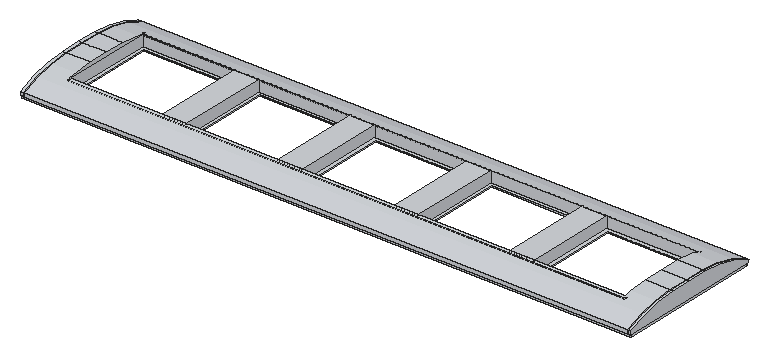
Revit family "Gira_0215738", category Electrical Fixtures, host Face, Revit 2017
Family settings
  Host = Face
  Maintain Annotation Orientation = No
  Round Connector Dimension = Use Diameter
  Part Type = Normal
  Cut with Voids When Loaded = No
  Shared = No
  Room Calculation Point = No
Parameters (values of type "Cov.fr. 5-g interm.fr. AN Gira Event Clear black")
  URL = "http://katalog.gira.de/en/datenblatt.html?artikelnr=0215738"
  Transparent = "No"
  Name = "Cov.fr. 5-g interm.fr. AN Gira Event Clear black"
  Manufacturer URL = "https://www.gira.de/"
  Manufacturer = "Gira"
  Label space/information surface = "No"
  Keynote = ""
  HeinzeBIM = "https://bimportal.heinze.de/bim/cov-fr-5-g-interm-fr-an-gira-event-clear-black/ec76dc78db26e05c06d69875027e77934a04925e"
  HAN = "0215738"
  GTIN = "4010337068945"
  Description = "Cov.fr.5g i.fr.AN EvCl BK,Gira Event Clear cover frame,black with anthracite intermediate frame,5-gang,Features:,- Shatter-proof."
  Default Elevation = 1219.2 mm
  Data sheet (1) = "https://katalog.gira.de/en/download.html?artikelnr=0215738"
  Category = "Cover frame for domestic switching devices"
  BIM (1) = "https://media.stage.bim.site/public/gira/36a6b08/Event_Rahmen_5fach.rfa"
  Available = "No"
Reference planes
  plane 1 "Center (Front/Back)": y = 0
  plane 2: z = 0
  plane 3 "Center (Left/Right)": x = 0
Forms (mm)
  Extrusion 1, solid, detail levels fine
    sketch origin (0, 0, 0.05) x (0, 1, 0) y (0, 0, 1)
      loop
        arc (12.445, 9.683) -> (6.223, 9.833) -> (0, 9.85) r 291.636
        arc (0, 9.85) -> (-6.223, 9.833) -> (-12.445, 9.683) r 291.636
        arc (-12.445, 9.683) -> (-29.14, 7.482) -> (-45, 1.823) r 79.728
        line (-45, 1.823) -> (-45, -0.05) -> (-42.086, -0.05)
        arc (-42.086, -0.05) -> (-21.385, 5.559) -> (0, 7.206) r 114.424
        arc (0, 7.206) -> (21.385, 5.559) -> (42.086, -0.05) r 114.424
        line (42.086, -0.05) -> (45, -0.05) -> (45, 1.823)
        arc (45, 1.823) -> (29.14, 7.482) -> (12.445, 9.683) r 79.728
    from -185.578 to 185.593
  Extrusion 2, void, detail levels fine
    sketch origin (0, 0, 0) x (1, 0, 0) y (0, 1, 0)
      loop
        line (170.607, 28) -> (-170.593, 28) -> (-170.593, -28) -> (170.607, -28) -> (170.607, 28)
    from 0.724 to 11
  Extrusion 3, solid, detail levels coarse
    sketch origin (0, 0, 0) x (1, 0, 0) y (0, 1, 0)
      loop
        line (-187.578, 45) -> (-187.578, -45) -> (187.593, -45) -> (187.593, 45) -> (-187.578, 45)
    from -1.5 to 9.9
  Extrusion 4, solid, detail levels medium
    sketch origin (0, 0, 0.05) x (0, 1, 0) y (0, 0, 1)
      loop
        arc (12.445, 9.683) -> (6.223, 9.833) -> (0, 9.85) r 291.636
        arc (0, 9.85) -> (-6.223, 9.833) -> (-12.445, 9.683) r 291.636
        arc (-12.445, 9.683) -> (-29.14, 7.482) -> (-45, 1.823) r 79.728
        line (-45, 1.823) -> (-45, -0.05) -> (45, -0.05) -> (45, 1.823)
        arc (45, 1.823) -> (29.14, 7.482) -> (12.445, 9.683) r 79.728
    from -187.578 to 187.593
  Extrusion 5, solid, detail levels fine
    sketch origin (-142.578, 0, -1.5) x (0, 1, 0) y (0, 0, -1)
      loop
        line (45, -3.373) -> (45, -1.5) -> (-45, -1.5) -> (-45, -3.373)
        arc (-45, -3.373) -> (-29.14, -9.032) -> (-12.445, -11.233) r 79.728
        arc (-12.445, -11.233) -> (-6.223, -11.383) -> (0, -11.4) r 291.636
        arc (0, -11.4) -> (6.223, -11.383) -> (12.445, -11.233) r 291.636
        arc (12.445, -11.233) -> (29.14, -9.032) -> (45, -3.373) r 79.728
    from 43 to 45
  Extrusion 6, solid, detail levels fine
    sketch origin (0, 0, 0) x (1, 0, 0) y (0, 1, 0)
      loop
        line (-168.493, 25.7) -> (-168.493, -25.7) -> (-116.693, -25.7) -> (-116.693, 25.7) -> (-168.493, 25.7)
      loop
        line (-45.398, -25.7) -> (-45.398, 25.7) -> (-97.198, 25.7) -> (-97.198, -25.7) -> (-45.398, -25.7)
      loop
        line (-171.487, 28.49) -> (-171.487, -28.495)
        spline (-171.487, -28.495) -> (-171.479, -28.625) -> (-171.453, -28.754) -> (-171.411, -28.878) -> (-171.353, -28.995) -> (-171.281, -29.104) -> (-171.194, -29.202) -> (-171.096, -29.288) -> (-170.987, -29.361) -> (-170.87, -29.419) -> (-170.746, -29.461) -> (-170.618, -29.486) -> (-170.487, -29.495)
        line (-170.487, -29.495) -> (170.502, -29.495)
        spline (170.502, -29.495) -> (170.633, -29.486) -> (170.761, -29.461) -> (170.885, -29.419) -> (171.002, -29.361) -> (171.111, -29.288) -> (171.209, -29.202) -> (171.296, -29.104) -> (171.368, -28.995) -> (171.426, -28.878) -> (171.468, -28.754) -> (171.494, -28.625) -> (171.502, -28.495)
        line (171.502, -28.495) -> (171.502, 28.49)
        spline (171.502, 28.49) -> (171.494, 28.62) -> (171.468, 28.748) -> (171.426, 28.872) -> (171.368, 28.99) -> (171.296, 29.098) -> (171.209, 29.197) -> (171.111, 29.283) -> (171.002, 29.356) -> (170.885, 29.413) -> (170.761, 29.456) -> (170.633, 29.481) -> (170.502, 29.49)
        line (170.502, 29.49) -> (-170.487, 29.49)
        spline (-170.487, 29.49) -> (-170.618, 29.481) -> (-170.746, 29.456) -> (-170.87, 29.413) -> (-170.987, 29.356) -> (-171.096, 29.283) -> (-171.194, 29.197) -> (-171.281, 29.098) -> (-171.353, 28.99) -> (-171.411, 28.872) -> (-171.453, 28.748) -> (-171.479, 28.62) -> (-171.487, 28.49)
      loop
        line (25.902, -25.7) -> (25.902, 25.7) -> (-25.898, 25.7) -> (-25.898, -25.7) -> (25.902, -25.7)
      loop
        line (97.207, -25.7) -> (97.207, 25.7) -> (45.407, 25.7) -> (45.407, -25.7) -> (97.207, -25.7)
      loop
        line (168.507, -25.7) -> (168.507, 25.7) -> (116.707, 25.7) -> (116.707, -25.7) -> (168.507, -25.7)
    from 0.1 to 7.3
  Extrusion 7, solid
    sketch origin (0, 0, 0) x (1, 0, 0) y (0, 1, 0)
      loop
        arc (-187.293, -44.218) -> (-187.146, -44.572) -> (-186.793, -44.718) r 0.5
        line (-186.793, -44.718) -> (186.807, -44.718)
        arc (186.807, -44.718) -> (187.161, -44.572) -> (187.307, -44.218) r 0.5
        line (187.307, -44.218) -> (187.307, 44.182)
        arc (187.307, 44.182) -> (187.161, 44.535) -> (186.807, 44.682) r 0.5
        line (186.807, 44.682) -> (-186.793, 44.682)
        arc (-186.793, 44.682) -> (-187.146, 44.535) -> (-187.293, 44.182) r 0.5
        line (-187.293, 44.182) -> (-187.293, -44.218)
      loop
        line (-185.593, 42.982) -> (-185.593, -43.018) -> (185.607, -43.018) -> (185.607, 42.982) -> (-185.593, 42.982)
    from -1.5 to 0.5
  Extrusion 8, solid, detail levels fine
    sketch origin (142.593, 0, -1.5) x (0, 1, 0) y (0, 0, 1)
      loop
        arc (45, 3.373) -> (29.14, 9.032) -> (12.445, 11.233) r 79.728
        arc (12.445, 11.233) -> (6.223, 11.383) -> (0, 11.4) r 291.636
        arc (0, 11.4) -> (-6.223, 11.383) -> (-12.445, 11.233) r 291.636
        arc (-12.445, 11.233) -> (-29.14, 9.032) -> (-45, 3.373) r 79.728
        line (-45, 3.373) -> (-45, 1.5) -> (45, 1.5) -> (45, 3.373)
    from 43 to 45
  Extrusion 9, solid, detail levels medium
    sketch origin (0, 0, 0) x (1, 0, 0) y (0, 1, 0)
      loop
        line (-187.293, -44.718) -> (187.307, -44.718) -> (187.307, 44.682) -> (-187.293, 44.682) -> (-187.293, -44.718)
    from -1.5 to 0.5
  Extrusion 10, solid, detail levels fine
    sketch origin (-105.5, 0, 0) x (1, 0, 0) y (0, 1, 0)
      loop
        line (-8.943, 28.063) -> (-8.943, -27.937) -> (6.057, -27.937) -> (6.057, 28.063) -> (-8.943, 28.063)
    from 0.724 to 7.566
  Extrusion 11, solid, detail levels fine
    sketch origin (-37.085, 0, 0) x (-1, 0, 0) y (0, -1, 0)
      loop
        line (-8.943, -28.063) -> (6.057, -28.063) -> (6.057, 27.937) -> (-8.943, 27.937) -> (-8.943, -28.063)
    from 0.724 to 7.566
  Extrusion 12, solid, detail levels fine
    sketch origin (105.5, 0, 0) x (-1, 0, 0) y (0, -1, 0)
      loop
        line (-8.943, -28.063) -> (6.057, -28.063) -> (6.057, 27.937) -> (-8.943, 27.937) -> (-8.943, -28.063)
    from 0.724 to 7.566
  Extrusion 13, solid, detail levels fine
    sketch origin (37.085, 0, 0) x (1, 0, 0) y (0, 1, 0)
      loop
        line (-8.943, 28.063) -> (-8.943, -27.937) -> (6.057, -27.937) -> (6.057, 28.063) -> (-8.943, 28.063)
    from 0.724 to 7.566
Cuts and joins
  Extrusion 2 cuts Extrusion 1
  Extrusion 2 cuts Extrusion 6
Dimensions and locks
  aligned and locked: plane 2 to host face
  aligned and locked: level to host face
